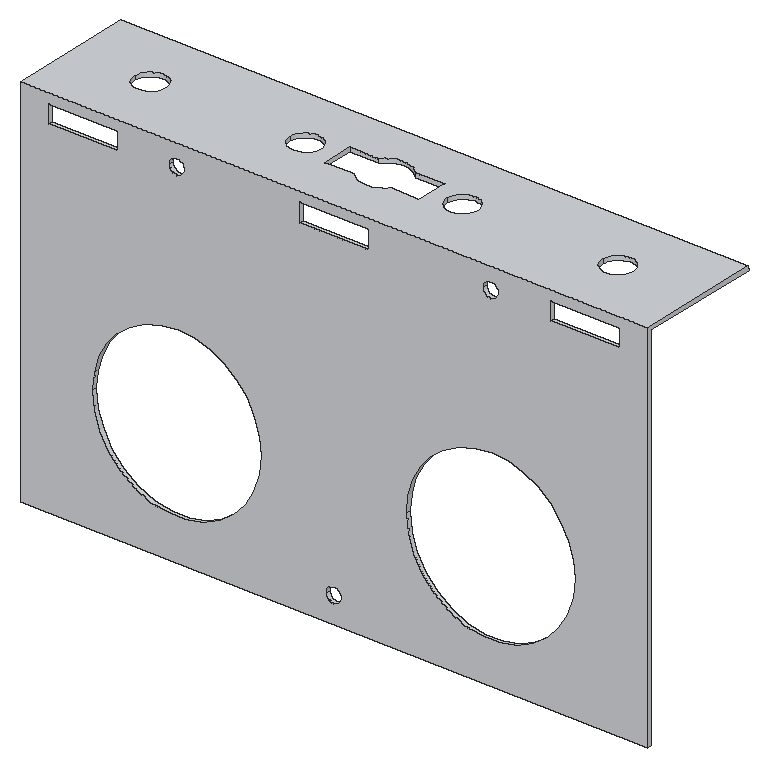
Revit family
Parameters
  URL = "www.siouxchief.com"
  Model = "521-558"
  Manufacturer = "Sioux Chief Manufacturing"
  Description = "Pipe Eye Suspension Bracket"
Reference planes (in)
  plane 1 "Center (Front/Back)": y = 0
  plane 2: z = 0
  plane 3 "Center (Left/Right)": x = 0
Forms (in)
  Extrusion 1, solid
    sketch origin (2.5, 0, -3) x (0, -1, 0) y (0, 0, 1)
      loop
        line (0, 0) -> (0, 3) -> (-1, 3) -> (-1, 2.968) -> (-0.032, 2.968) -> (-0.032, 0) -> (0, 0)
    from 0 to 5
  Extrusion 2, void
    sketch origin (0.08061, 0, -0.1254) x (1, 0, 0) y (0, 0, 1)
      loop
        circle (-1.33061, -1.8746) r 0.67188
    from -0.032 to 0
  Extrusion 3, void
    sketch origin (-0.08061, 0, -0.1254) x (-1, 0, 0) y (0, 0, -1)
      loop
        circle (-1.33061, 1.8746) r 0.67188
    from -0.032 to 0
  Extrusion 4, void
    sketch origin (-0.274, 0, -0.04687) x (1, 0, 0) y (0, 0, 1)
      loop
        line (0, -0.032) -> (0, -0.17896) -> (0.54801, -0.17896) -> (0.54801, -0.032) -> (0, -0.032)
    from -0.032 to 0
  Extrusion 5, void
    sketch origin (1.726, 0, -0.04688) x (1, 0, 0) y (0, 0, 1)
      loop
        line (0, -0.032) -> (0, -0.17896) -> (0.54801, -0.17896) -> (0.54801, -0.032) -> (0, -0.032)
    from -0.032 to 0
  Extrusion 6, void
    sketch origin (-1.726, 0, -0.04687) x (-1, 0, 0) y (0, 0, -1)
      loop
        line (0, 0.032) -> (0.54801, 0.032) -> (0.54801, 0.17896) -> (0, 0.17896) -> (0, 0.032)
    from -0.032 to 0
  Extrusion 7, void
    sketch origin (0, 0, 1.15625) x (1, 0, 0) y (0, 0, 1)
      loop
        circle (-1.25, -1.32813) r 0.06
    from -0.032 to 0
  Extrusion 8, void
    sketch origin (0, 0, 1.15625) x (-1, 0, 0) y (0, 0, -1)
      loop
        circle (-1.25, 1.32813) r 0.06
    from -0.032 to 0
  Extrusion 9, void
    sketch origin (0.63605, 0, 0) x (1, 0, 0) y (0, 1, 0)
      loop
        circle (-2.5, 0.5) r 0.125
    from -0.032 to 0
  Extrusion 10, void
    sketch origin (1.87373, 0, 0) x (1, 0, 0) y (0, 1, 0)
      loop
        circle (-2.5, 0.5) r 0.125
    from -0.032 to 0
  Extrusion 11, void
    sketch origin (-0.63605, 0, 0) x (-1, 0, 0) y (0, -1, 0)
      loop
        circle (-2.5, -0.5) r 0.125
    from -0.032 to 0
  Extrusion 12, void
    sketch origin (-1.87373, 0, 0) x (-1, 0, 0) y (0, -1, 0)
      loop
        circle (-2.5, -0.5) r 0.125
    from -0.032 to 0
  Extrusion 13, void
    sketch origin (-0.375, -0.37025, 0) x (1, 0, 0) y (0, 1, 0)
      loop
        line (0, 1) -> (0, 0.75) -> (0.75, 0.75) -> (0.75, 1) -> (0, 1)
    from -0.032 to 0
  Extrusion 14, void
    sketch origin (-0.375, 0, 0) x (1, 0, 0) y (0, 1, 0)
      loop
        circle (0.375, 0.50475) r 0.19328
    from -0.032 to 0
  Extrusion 15, void
    sketch origin (1.25, 0, -1.46167) x (1, 0, 0) y (0, 0, 1)
      loop
        circle (-1.25, -1.32813) r 0.06
    from -0.032 to 0
Cuts and joins
  Extrusion 2, Extrusion 3, Extrusion 4, Extrusion 5, Extrusion 6, Extrusion 7, Extrusion 8, Extrusion 9, Extrusion 10, Extrusion 11, Extrusion 12, Extrusion 13, Extrusion 14, Extrusion 15 cuts Extrusion 1
Dimensions and locks (in)
  radius of Extrusion 9 sketch curve = 0.125"
  radius of Extrusion 10 sketch curve = 0.125"
  radius of Extrusion 11 sketch curve = 0.125"
  radius of Extrusion 12 sketch curve = 0.125"
  aligned and locked: plane 2 to level
  aligned and locked: Extrusion 1 to Extrusion 2
  aligned and locked: plane 1 "Center (Front/Back)" to Extrusion 2
  aligned and locked: Extrusion 1 to Extrusion 4
  aligned and locked: Extrusion 1 to Extrusion 7
  aligned and locked: plane 1 "Center (Front/Back)" to Extrusion 7
  aligned and locked: Extrusion 1 to Extrusion 10
  aligned and locked: level to Extrusion 10
  aligned and locked: Extrusion 1 to Extrusion 9
  aligned and locked: level to Extrusion 9
  aligned and locked: Extrusion 1 to Extrusion 13
  aligned and locked: level to Extrusion 13
  aligned and locked: Extrusion 1 to Extrusion 14
  aligned and locked: level to Extrusion 14
